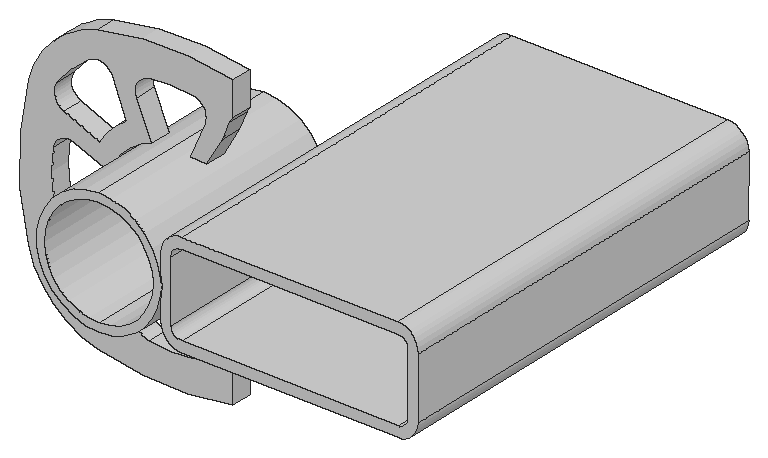
Revit family "ORMA_WALER FIXING SBU_1908983", category Generic Models, Revit 2018
Family settings
  Can host rebar = No
  Round Connector Dimension = Use Diameter
  Part Type = Normal
  OmniClass Number = 35.51.14.00
  OmniClass Title = FORMWORK
  Work Plane-Based = Yes
  Always vertical = No
  Cut with Voids When Loaded = No
  Shared = Yes
  Room Calculation Point = No
Parameters
  VERSION = "20170217"  # constant formula
  URL = "www.ulmaconstruction.com/en"
  UNICLASS = ""
  Manufacturer = "ULMA CONSTRUCTION"  # constant formula
  ITEM_CODE = "1908983"
  FILTER [instance] = ""
  Default Elevation = 0.000 mm
  CLASSIFICATION_TITLE = ""
  CLASSIFICATION_NUMBER = ""
Reference planes
  plane 1 "Centro (Frontal/Posterior)": y = 0
  plane 2: z = 0
  plane 3 "Centro (Izquierda/Derecha)": x = 0
  plane 4 "MIDDLE": z = -33
Forms (mm)
  Extrusion 1, solid, material "ULMA ZINC"
    sketch origin (0, 0, -53) x (1, 0, 0) y (0, 0, 1)
      loop
        arc (-62, 40) -> (-67.657, 37.657) -> (-70, 32) r 8
        line (-70, 32) -> (-70, 8)
        arc (-70, 8) -> (-67.657, 2.343) -> (-62, 0) r 8
        line (-62, 0) -> (22, 0)
        arc (22, 0) -> (27.657, 2.343) -> (30, 8) r 8
        line (30, 8) -> (30, 32)
        arc (30, 32) -> (27.657, 37.657) -> (22, 40) r 8
        line (22, 40) -> (-62, 40)
      loop
        arc (-62, 36) -> (-64.828, 34.828) -> (-66, 32) r 4
        line (-66, 32) -> (-66, 8)
        arc (-66, 8) -> (-64.828, 5.172) -> (-62, 4) r 4
        line (-62, 4) -> (22, 4)
        arc (22, 4) -> (24.828, 5.172) -> (26, 8) r 4
        line (26, 8) -> (26, 32)
        arc (26, 32) -> (24.828, 34.828) -> (22, 36) r 4
        line (22, 36) -> (-62, 36)
    from -130 to 30
  Extrusion 2, solid, material "ULMA ZINC"
    sketch origin (0, 0, 0) x (1, 0, 0) y (0, 0, 1)
      loop
        arc (-70, -30.313) -> (-77.902, -14.998) -> (-94, -8.85) r 24.15
        arc (-94, -8.85) -> (-112.002, -49.098) -> (-70, -35.687) r 24.15
        arc (-70, -35.687) -> (-69.85, -33) -> (-70, -30.313) r 24.15
      loop
        circle (-94, -33) r 21.05
    from -50 to 30
  Extrusion 3, solid, material "ULMA ZINC"
    sketch origin (0, 0, 0) x (1, 0, 0) y (0, 0, 1)
      loop
        arc (-122.62, 22.445) -> (-139.732, 12.732) -> (-149.445, -4.38) r 37
        arc (-149.445, -4.38) -> (-153, -33) -> (-149.445, -61.62) r 117
        arc (-149.445, -61.62) -> (-139.732, -78.732) -> (-122.62, -88.445) r 37
        arc (-122.62, -88.445) -> (-96.371, -91.976) -> (-70, -89.512) r 117
        line (-70, -89.512) -> (-70, -76.404)
        arc (-70, -76.404) -> (-70.654, -75.561) -> (-71.149, -74.615) r 6
        line (-71.149, -74.615) -> (-74.133, -67.411) -> (-80.144, -57) -> (-86.329, -57) -> (-80.752, -70.464)
        arc (-80.752, -70.464) -> (-81.01, -75.602) -> (-85.153, -78.651) r 6
        arc (-85.153, -78.651) -> (-94, -79.5) -> (-102.847, -78.651) r 46.5
        arc (-102.847, -78.651) -> (-106.99, -75.602) -> (-107.248, -70.464) r 6
        line (-107.248, -70.464) -> (-101.5, -56.586)
        arc (-101.5, -56.586) -> (-111.501, -50.501) -> (-117.586, -40.5) r 24.75
        line (-117.586, -40.5) -> (-131.464, -46.248)
        arc (-131.464, -46.248) -> (-136.602, -45.99) -> (-139.651, -41.847) r 6
        arc (-139.651, -41.847) -> (-140.5, -33) -> (-139.651, -24.153) r 46.5
        arc (-139.651, -24.153) -> (-136.602, -20.01) -> (-131.464, -19.752) r 6
        line (-131.464, -19.752) -> (-117.586, -25.5)
        arc (-117.586, -25.5) -> (-111.501, -15.499) -> (-101.5, -9.414) r 24.75
        line (-101.5, -9.414) -> (-107.248, 4.464)
        arc (-107.248, 4.464) -> (-106.99, 9.602) -> (-102.847, 12.651) r 6
        arc (-102.847, 12.651) -> (-94, 13.5) -> (-85.153, 12.651) r 46.5
        arc (-85.153, 12.651) -> (-81.01, 9.602) -> (-80.752, 4.464) r 6
        line (-80.752, 4.464) -> (-86.329, -9) -> (-80.144, -9) -> (-74.133, 1.411) -> (-71.149, 8.615)
        arc (-71.149, 8.615) -> (-70.654, 9.561) -> (-70, 10.404) r 6
        line (-70, 10.404) -> (-70, 23.512)
        arc (-70, 23.512) -> (-96.371, 25.976) -> (-122.62, 22.445) r 117
      loop
        arc (-116.851, 8.615) -> (-120.758, 12.092) -> (-125.907, 11.183) r 6
        arc (-125.907, 11.183) -> (-132.549, 5.526) -> (-138.202, -1.119) r 54.5
        arc (-138.202, -1.119) -> (-139.108, -6.267) -> (-135.632, -10.172) r 6
        line (-135.632, -10.172) -> (-121.671, -15.955)
        arc (-121.671, -15.955) -> (-116.991, -10.029) -> (-111.069, -5.343) r 32.5
        line (-111.069, -5.343) -> (-116.851, 8.615)
      loop
        arc (-135.632, -55.828) -> (-139.108, -59.733) -> (-138.202, -64.881) r 6
        arc (-138.202, -64.881) -> (-132.549, -71.526) -> (-125.907, -77.183) r 54.5
        arc (-125.907, -77.183) -> (-120.758, -78.092) -> (-116.851, -74.615) r 6
        line (-116.851, -74.615) -> (-111.069, -60.657)
        arc (-111.069, -60.657) -> (-116.991, -55.971) -> (-121.671, -50.045) r 32.5
        line (-121.671, -50.045) -> (-135.632, -55.828)
    from -13 to -5
Lines and regions (mm)
  model lines, style "ULMA WORKING PLATFORMS", detail levels fine
    curve 1: circle (0, 0, -13) r 10.5 normal (0, 0, -1)
    curve 2: circle (0, 0, -53) r 10.5 normal (0, 0, -1)
    curve 3: line (10.5, 75, -13) -> (10.5, 100, -13)
    curve 4: arc (10.5, 100, -13) -> (0, 110.5, -13) -> (-10.5, 100, -13) r 10.5
    curve 5: line (-10.5, 100, -13) -> (-10.5, 75, -13)
    curve 6: arc (-10.5, 75, -13) -> (0, 64.5, -13) -> (10.5, 75, -13) r 10.5
    curve 7: line (10.5, 75, -53) -> (10.5, 100, -53)
    curve 8: arc (10.5, 100, -53) -> (0, 110.5, -53) -> (-10.5, 100, -53) r 10.5
    curve 9: line (-10.5, 100, -53) -> (-10.5, 75, -53)
    curve 10: arc (-10.5, 75, -53) -> (0, 64.5, -53) -> (10.5, 75, -53) r 10.5
Dimensions and locks
  aligned and locked: level to plane 2
